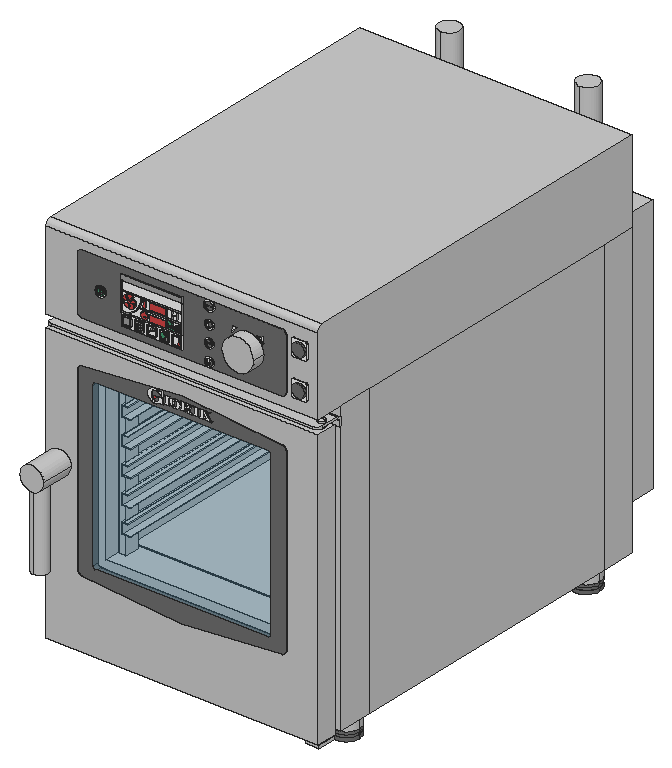
Revit family "QF_GIORIK_KHG061_KTG061_KHG061W_KTG061W", category Specialty Equipment, Revit 2014 (continued)
Automatic sketch dimensions
  Extrusion 17 sketch curve to plane 6 "Top" = 97.435 mm
  Extrusion 17 sketch curve to Extrusion 17 sketch curve = 0.978 mm
  Extrusion 17 sketch curve to plane 6 "Top" = 95.9 mm
  Extrusion 17 sketch curve to Extrusion 17 sketch curve = 1.058 mm
  Extrusion 17 sketch curve to Extrusion 17 sketch curve = 0.007 mm
  Extrusion 17 sketch curve to Extrusion 17 sketch curve = 0.727 mm
  Extrusion 17 sketch curve to plane 6 "Top" = 97.992 mm
  Extrusion 17 sketch curve to Extrusion 17 sketch curve = 4.43 mm
  Extrusion 17 sketch curve to plane 6 "Top" = 93.265 mm
  Extrusion 17 sketch curve to Extrusion 17 sketch curve = 12.64 mm
  Extrusion 17 sketch curve to plane 6 "Top" = 77.074 mm
  Extrusion 17 sketch curve to Extrusion 17 sketch curve = 0.034 mm
  Extrusion 17 sketch curve to plane 6 "Top" = 83.449 mm
  Extrusion 17 sketch curve to Extrusion 17 sketch curve = 1.389 mm
  Extrusion 17 sketch curve to Extrusion 17 sketch curve = 2.313 mm
  Extrusion 17 sketch curve to Extrusion 17 sketch curve = 2.53 mm
  Extrusion 17 sketch curve to Extrusion 17 sketch curve = 2.705 mm
  Extrusion 17 sketch curve to plane 6 "Top" = 76.294 mm
  Extrusion 17 sketch curve to Extrusion 17 sketch curve = 1.138 mm
  Extrusion 17 sketch curve to plane 6 "Top" = 73.82 mm
  Extrusion 17 sketch curve to Extrusion 17 sketch curve = 3.357 mm
  Extrusion 17 sketch curve to Extrusion 17 sketch curve = 6.172 mm
  Extrusion 17 sketch curve to Extrusion 17 sketch curve = 0.566 mm
  Extrusion 17 sketch curve to plane 6 "Top" = 80.522 mm
  Extrusion 17 sketch curve to Extrusion 17 sketch curve = 0.676 mm
  Extrusion 17 sketch curve to Extrusion 17 sketch curve = 6.481 mm
  Extrusion 17 sketch curve to Extrusion 17 sketch curve = 1.773 mm
  Extrusion 17 sketch curve to Extrusion 17 sketch curve = 1.347 mm
  Extrusion 17 sketch curve to plane 6 "Top" = 85.747 mm
  Extrusion 17 sketch curve to Extrusion 17 sketch curve = 1.957 mm
  Extrusion 17 sketch curve to Extrusion 17 sketch curve = 0.945 mm
  Extrusion 17 sketch curve to Extrusion 17 sketch curve = 1.151 mm
  Extrusion 17 sketch curve to Extrusion 17 sketch curve = 0.366 mm
  Extrusion 17 sketch curve to Extrusion 17 sketch curve = 1.697 mm
  Extrusion 17 sketch curve to plane 6 "Top" = 79.428 mm
  Extrusion 17 sketch curve to Extrusion 17 sketch curve = 1.474 mm
  Extrusion 17 sketch curve to Extrusion 17 sketch curve = 1.163 mm
  Extrusion 17 sketch curve to Extrusion 17 sketch curve = 1.291 mm
  Extrusion 17 sketch curve to plane 6 "Top" = 94.459 mm
  Extrusion 17 sketch curve to Extrusion 17 sketch curve = 3.636 mm
  Extrusion 17 sketch curve to plane 6 "Top" = 70.562 mm
  Extrusion 17 sketch curve to Extrusion 17 sketch curve = 5.644 mm
  Extrusion 17 sketch curve to Extrusion 17 sketch curve = 0.534 mm
  Extrusion 17 sketch curve to Extrusion 17 sketch curve = 1.399 mm
  Extrusion 17 sketch curve to Extrusion 17 sketch curve = 1.653 mm
  Extrusion 17 sketch curve to plane 6 "Top" = 82.63 mm
  Extrusion 17 sketch curve to Extrusion 17 sketch curve = 0.483 mm
  Extrusion 17 sketch curve to plane 6 "Top" = 73.81 mm
  Extrusion 17 sketch curve to Extrusion 17 sketch curve = 1.875 mm
  Extrusion 17 sketch curve to plane 6 "Top" = 93.314 mm
  Extrusion 17 sketch curve to Extrusion 17 sketch curve = 3.426 mm
  Extrusion 17 sketch curve to plane 6 "Top" = 71.963 mm
  Extrusion 17 sketch curve to Extrusion 17 sketch curve = 2.001 mm
  Extrusion 17 sketch curve to plane 6 "Top" = 76.238 mm
  Extrusion 17 sketch curve to Extrusion 17 sketch curve = 3.39 mm
  Extrusion 17 sketch curve to Extrusion 17 sketch curve = 5.374 mm
  Extrusion 17 sketch curve to Extrusion 17 sketch curve = 1.262 mm
  Extrusion 17 sketch curve to plane 6 "Top" = 84.718 mm
  Extrusion 17 sketch curve to Extrusion 17 sketch curve = 2.375 mm
  Extrusion 17 sketch curve to plane 6 "Top" = 80.599 mm
  Extrusion 17 sketch curve to Extrusion 17 sketch curve = 2.509 mm
  Extrusion 17 sketch curve to Extrusion 17 sketch curve = 2.12 mm  (x2)
  Extrusion 17 sketch curve to Extrusion 17 sketch curve = 7.859 mm  (x2)
  Extrusion 17 sketch curve to Extrusion 17 sketch curve = 5.742 mm
  Extrusion 17 sketch curve to Extrusion 17 sketch curve = 0.426 mm
  Extrusion 17 sketch curve to Extrusion 17 sketch curve = 2.642 mm  (x2)
  Extrusion 17 sketch curve to Extrusion 17 sketch curve = 2.67 mm
  Extrusion 17 sketch curve to Extrusion 17 sketch curve = 0.681 mm
  Extrusion 17 sketch curve to Extrusion 17 sketch curve = 12.559 mm  (x2)
  Extrusion 17 sketch curve to Extrusion 17 sketch curve = 3.412 mm
  Extrusion 17 sketch curve to Extrusion 17 sketch curve = 0.317 mm
  Extrusion 17 sketch curve to Extrusion 17 sketch curve = 0.044 mm
  Extrusion 17 sketch curve to Extrusion 17 sketch curve = 0.455 mm
  Extrusion 17 sketch curve to Extrusion 17 sketch curve = 1.333 mm
  Extrusion 17 sketch curve to Extrusion 17 sketch curve = 7.441 mm
  Extrusion 17 sketch curve to Extrusion 17 sketch curve = 2.137 mm
  plane 4 "Right" to Extrusion 18 sketch curve = 1 mm
  plane 5 "Front" to Extrusion 18 sketch curve = 3.5 mm
  Extrusion 18 sketch curve to plane 8 "Front oven" = 16.5 mm
  Extrusion 18 sketch curve to plane 8 "Front oven" = 4 mm
  plane 8 "Front oven" to Extrusion 18 sketch curve = 1.5 mm
  plane 8 "Front oven" to Extrusion 18 sketch curve = 56 mm
  Extrusion 18 sketch curve to Extrusion 18 sketch curve = 0 mm
  Extrusion 18 sketch curve to Extrusion 18 sketch curve = 16.248 mm
  plane 4 "Right" to Extrusion 18 sketch curve = 19 mm
  Extrusion 18 sketch curve to Extrusion 18 sketch curve = 25 mm
  Extrusion 18 sketch curve to Extrusion 18 sketch curve = 12 mm
  Extrusion 18 sketch curve to Extrusion 18 sketch curve = 19 mm
  Extrusion 18 sketch curve to Extrusion 18 sketch curve = 10 mm
  plane 4 "Right" to Revolve 19 sketch curve = 11.5 mm
  Revolve 19 sketch curve to Revolve 19 sketch curve = 3.5 mm  (x3)
  Revolve 19 sketch curve to Revolve 19 sketch curve = 6 mm
  Revolve 19 sketch curve to plane 6 "Top" = 185 mm
  Revolve 19 sketch curve to Revolve 19 sketch curve = 4.5 mm  (x2)
  Revolve 19 sketch curve to Revolve 19 sketch curve = 2.5 mm
  Revolve 19 sketch curve to Revolve 19 sketch curve = 3.901 mm
  Revolve 19 sketch curve to Revolve 19 sketch curve = 0 mm  (x3)
  Revolve 20 sketch curve to plane 7 "Legs height" = 0 mm  (x2)
  plane 4 "Right" to Revolve 20 sketch curve = 11.5 mm
  Revolve 20 sketch curve to Revolve 20 sketch curve = 3.5 mm  (x3)
  Revolve 20 sketch curve to Revolve 20 sketch curve = 2.5 mm
  Revolve 20 sketch curve to Revolve 20 sketch curve = 7 mm
  Revolve 20 sketch curve to Revolve 20 sketch curve = 3.901 mm
  Revolve 20 sketch curve to Revolve 20 sketch curve = 0 mm  (x2)
  Extrusion 21 sketch curve to plane 4 "Right" = 25 mm
  Extrusion 21 sketch curve to plane 7 "Legs height" = 310 mm
  plane 5 "Front" to Extrusion 23 sketch curve = 46 mm
  Extrusion 23 sketch curve to plane 4 "Right" = 25 mm
  Extrusion 25 sketch curve to Extrusion 25 sketch curve = 0 mm  (x12)
  plane 4 "Right" to Extrusion 25 sketch curve = 103.895 mm
  Extrusion 25 sketch curve to plane 6 "Top" = 55.514 mm  (x2)
  Extrusion 25 sketch curve to Extrusion 25 sketch curve = 1.599 mm  (x2)
  Extrusion 25 sketch curve to Extrusion 25 sketch curve = 9.467 mm  (x2)
  Extrusion 25 sketch curve to Extrusion 25 sketch curve = 26.569 mm
  Extrusion 25 sketch curve to Extrusion 25 sketch curve = 7.071 mm
  Extrusion 25 sketch curve to Extrusion 25 sketch curve = 15.503 mm
  Extrusion 25 sketch curve to plane 6 "Top" = 66.895 mm
  Extrusion 25 sketch curve to Extrusion 25 sketch curve = 37.995 mm
  Extrusion 25 sketch curve to Extrusion 25 sketch curve = 37.895 mm
  Extrusion 25 sketch curve to Extrusion 25 sketch curve = 1.233 mm
  Extrusion 25 sketch curve to Extrusion 25 sketch curve = 4 mm
  Extrusion 25 sketch curve to plane 6 "Top" = 65.195 mm
  Extrusion 25 sketch curve to Extrusion 25 sketch curve = 3.251 mm
  Extrusion 25 sketch curve to Extrusion 25 sketch curve = 6.5 mm  (x2)
  Extrusion 25 sketch curve to Extrusion 25 sketch curve = 1 mm  (x7)
  Extrusion 25 sketch curve to Extrusion 25 sketch curve = 0.516 mm
  Extrusion 25 sketch curve to Extrusion 25 sketch curve = 5 mm  (x2)
  Extrusion 25 sketch curve to Extrusion 25 sketch curve = 2.807 mm
  Extrusion 25 sketch curve to plane 6 "Top" = 63.441 mm
  Extrusion 25 sketch curve to Extrusion 25 sketch curve = 0.953 mm
  Extrusion 25 sketch curve to Extrusion 25 sketch curve = 44.5 mm
  Extrusion 25 sketch curve to plane 6 "Top" = 40 mm
  Extrusion 25 sketch curve to Extrusion 25 sketch curve = 116 mm
  Extrusion 25 sketch curve to Extrusion 25 sketch curve = 40 mm
  Extrusion 25 sketch curve to Extrusion 25 sketch curve = 34.378 mm
  Extrusion 25 sketch curve to Extrusion 25 sketch curve = 1.427 mm
  Extrusion 25 sketch curve to Extrusion 25 sketch curve = 2.881 mm
  Extrusion 25 sketch curve to Extrusion 25 sketch curve = 27.547 mm
  Extrusion 25 sketch curve to Extrusion 25 sketch curve = 28.047 mm
  Extrusion 25 sketch curve to Extrusion 25 sketch curve = 2.291 mm
  Extrusion 25 sketch curve to Extrusion 25 sketch curve = 0.209 mm
  Extrusion 25 sketch curve to Extrusion 25 sketch curve = 3 mm
  Extrusion 25 sketch curve to Extrusion 25 sketch curve = 45 mm
  Extrusion 25 sketch curve to Extrusion 25 sketch curve = 8.188 mm
  Extrusion 25 sketch curve to Extrusion 25 sketch curve = 3.805 mm
  Extrusion 25 sketch curve to Extrusion 25 sketch curve = 2.051 mm
  Extrusion 25 sketch curve to Extrusion 25 sketch curve = 1.254 mm
  Extrusion 25 sketch curve to Extrusion 25 sketch curve = 25.941 mm
  Extrusion 25 sketch curve to Extrusion 25 sketch curve = 0.5 mm
  Extrusion 26 sketch curve to Extrusion 26 sketch curve = 0 mm  (x63)
  Extrusion 26 sketch curve to plane 6 "Top" = 105 mm
  plane 4 "Right" to Extrusion 26 sketch curve = 258 mm
  Extrusion 26 sketch curve to Extrusion 26 sketch curve = 1 mm  (x18)
  Extrusion 26 sketch curve to Extrusion 26 sketch curve = 1.5 mm
  Extrusion 26 sketch curve to Extrusion 26 sketch curve = 0.5 mm
  Extrusion 26 sketch curve to Extrusion 26 sketch curve = 2 mm  (x13)
  Extrusion 26 sketch curve to Extrusion 26 sketch curve = 8.26 mm  (x2)
  Extrusion 26 sketch curve to Extrusion 26 sketch curve = 1.62 mm  (x3)
  Extrusion 26 sketch curve to Extrusion 26 sketch curve = 9.5 mm  (x2)
  Extrusion 26 sketch curve to Extrusion 26 sketch curve = 7.957 mm
  Extrusion 26 sketch curve to Extrusion 26 sketch curve = 6 mm  (x4)
  Extrusion 26 sketch curve to Extrusion 26 sketch curve = 1.514 mm
  Extrusion 26 sketch curve to Extrusion 26 sketch curve = 0.717 mm  (x2)
  Extrusion 26 sketch curve to Extrusion 26 sketch curve = 1.202 mm
  Extrusion 26 sketch curve to Extrusion 26 sketch curve = 10.283 mm
  Extrusion 26 sketch curve to Extrusion 26 sketch curve = 10.081 mm
  Extrusion 26 sketch curve to Extrusion 26 sketch curve = 0.961 mm
  Extrusion 26 sketch curve to Extrusion 26 sketch curve = 1.658 mm
  Extrusion 26 sketch curve to Extrusion 26 sketch curve = 2.455 mm
  Extrusion 26 sketch curve to Extrusion 26 sketch curve = 1.267 mm
  Extrusion 26 sketch curve to Extrusion 26 sketch curve = 2.654 mm
  Extrusion 26 sketch curve to plane 6 "Top" = 117.623 mm
  Extrusion 26 sketch curve to Extrusion 26 sketch curve = 2.67 mm
  Extrusion 26 sketch curve to plane 6 "Top" = 116.404 mm
  Extrusion 26 sketch curve to Extrusion 26 sketch curve = 1.218 mm
  Extrusion 26 sketch curve to Extrusion 26 sketch curve = 4.131 mm
  Extrusion 26 sketch curve to Extrusion 26 sketch curve = 0.609 mm  (x3)
  Extrusion 26 sketch curve to plane 6 "Top" = 120.535 mm
  Extrusion 26 sketch curve to Extrusion 26 sketch curve = 1.312 mm
  Extrusion 26 sketch curve to Extrusion 26 sketch curve = 4.225 mm
  Extrusion 26 sketch curve to Extrusion 26 sketch curve = 0.767 mm
  Extrusion 26 sketch curve to Extrusion 26 sketch curve = 1.946 mm  (x2)
  Extrusion 26 sketch curve to Extrusion 26 sketch curve = 3.893 mm
  Extrusion 26 sketch curve to Extrusion 26 sketch curve = 0.573 mm
  Extrusion 26 sketch curve to Extrusion 26 sketch curve = 10.054 mm  (x2)
  Extrusion 26 sketch curve to Extrusion 26 sketch curve = 1.19 mm  (x2)
  Extrusion 26 sketch curve to Extrusion 26 sketch curve = 0.81 mm
  Extrusion 26 sketch curve to Extrusion 26 sketch curve = 3.631 mm
  Extrusion 26 sketch curve to Extrusion 26 sketch curve = 3.68 mm
  Extrusion 26 sketch curve to Extrusion 26 sketch curve = 4.689 mm
  Extrusion 26 sketch curve to Extrusion 26 sketch curve = 7.689 mm
  Extrusion 26 sketch curve to Extrusion 26 sketch curve = 3.081 mm
  Extrusion 26 sketch curve to Extrusion 26 sketch curve = 0.653 mm
  Extrusion 26 sketch curve to Extrusion 26 sketch curve = 17.403 mm
  Extrusion 26 sketch curve to Extrusion 26 sketch curve = 1.7 mm
  Extrusion 26 sketch curve to Extrusion 26 sketch curve = 2.769 mm  (x2)
  Extrusion 26 sketch curve to Extrusion 26 sketch curve = 2.246 mm
  Extrusion 26 sketch curve to Extrusion 26 sketch curve = 1.597 mm
  Extrusion 26 sketch curve to Extrusion 26 sketch curve = 0.042 mm
  Extrusion 26 sketch curve to Extrusion 26 sketch curve = 2.12 mm
  Extrusion 26 sketch curve to Extrusion 26 sketch curve = 2.231 mm
  Extrusion 26 sketch curve to Extrusion 26 sketch curve = 1.147 mm
  Extrusion 26 sketch curve to Extrusion 26 sketch curve = 3.002 mm
  Extrusion 26 sketch curve to Extrusion 26 sketch curve = 6.3 mm
  Extrusion 26 sketch curve to Extrusion 26 sketch curve = 1.883 mm
  Extrusion 26 sketch curve to Extrusion 26 sketch curve = 7.859 mm
  Extrusion 26 sketch curve to Extrusion 26 sketch curve = 0.615 mm
  Extrusion 26 sketch curve to Extrusion 26 sketch curve = 4.404 mm
  Extrusion 26 sketch curve to Extrusion 26 sketch curve = 0.424 mm
  Extrusion 26 sketch curve to Extrusion 26 sketch curve = 2.306 mm
  Extrusion 26 sketch curve to Extrusion 26 sketch curve = 7 mm
  Extrusion 26 sketch curve to Extrusion 26 sketch curve = 0.463 mm
  Extrusion 26 sketch curve to Extrusion 26 sketch curve = 5 mm  (x2)
  Extrusion 26 sketch curve to Extrusion 26 sketch curve = 17.245 mm
  Extrusion 26 sketch curve to Extrusion 26 sketch curve = 2.495 mm
  Extrusion 26 sketch curve to Extrusion 26 sketch curve = 5.681 mm  (x3)
  Extrusion 26 sketch curve to Extrusion 26 sketch curve = 1.6 mm
  Extrusion 26 sketch curve to Extrusion 26 sketch curve = 2.544 mm
  Extrusion 26 sketch curve to Extrusion 26 sketch curve = 16.755 mm
  Extrusion 26 sketch curve to Extrusion 26 sketch curve = 10 mm
  plane 4 "Right" to Extrusion 27 sketch curve = 201.553 mm
  Extrusion 27 sketch curve to Extrusion 27 sketch curve = 2.606 mm
  Extrusion 27 sketch curve to Extrusion 27 sketch curve = 3.123 mm
  Extrusion 27 sketch curve to Extrusion 27 sketch curve = 3.991 mm
  Extrusion 27 sketch curve to Extrusion 27 sketch curve = 1.949 mm
  Extrusion 27 sketch curve to Extrusion 27 sketch curve = 1.182 mm
  Extrusion 27 sketch curve to Extrusion 27 sketch curve = 6.627 mm
  Extrusion 27 sketch curve to Extrusion 27 sketch curve = 1.25 mm
  Extrusion 27 sketch curve to Extrusion 27 sketch curve = 2.454 mm
  Extrusion 27 sketch curve to Extrusion 27 sketch curve = 1.353 mm  (x2)
  Extrusion 27 sketch curve to Extrusion 27 sketch curve = 3.69 mm
  Extrusion 27 sketch curve to Extrusion 27 sketch curve = 2.793 mm  (x10)
  Extrusion 27 sketch curve to Extrusion 27 sketch curve = 5.413 mm  (x3)
  Extrusion 27 sketch curve to Extrusion 27 sketch curve = 2 mm  (x2)
  Extrusion 27 sketch curve to Extrusion 27 sketch curve = 2.002 mm
  Extrusion 27 sketch curve to Extrusion 27 sketch curve = 3.133 mm
  Extrusion 27 sketch curve to Extrusion 27 sketch curve = 9.013 mm
  Extrusion 27 sketch curve to Extrusion 27 sketch curve = 4.511 mm
  Extrusion 27 sketch curve to Extrusion 27 sketch curve = 3.34 mm
  Extrusion 27 sketch curve to Extrusion 27 sketch curve = 0.132 mm
  Extrusion 27 sketch curve to Extrusion 27 sketch curve = 3.46 mm
  Extrusion 27 sketch curve to Extrusion 27 sketch curve = 3.675 mm
  Extrusion 27 sketch curve to Extrusion 27 sketch curve = 0 mm  (x18)
  Extrusion 27 sketch curve to Extrusion 27 sketch curve = 5.566 mm
  Extrusion 27 sketch curve to Extrusion 27 sketch curve = 2.285 mm
  Extrusion 27 sketch curve to Extrusion 27 sketch curve = 2.551 mm
  Extrusion 27 sketch curve to Extrusion 27 sketch curve = 5.945 mm
  Extrusion 27 sketch curve to Extrusion 27 sketch curve = 0.022 mm  (x2)
  Extrusion 27 sketch curve to Extrusion 27 sketch curve = 4 mm
  Extrusion 27 sketch curve to Extrusion 27 sketch curve = 5.91 mm  (x2)
  Extrusion 27 sketch curve to Extrusion 27 sketch curve = 1.141 mm
  Extrusion 27 sketch curve to Extrusion 27 sketch curve = 6.081 mm
  Extrusion 27 sketch curve to Extrusion 27 sketch curve = 4.16 mm
  Extrusion 27 sketch curve to Extrusion 27 sketch curve = 2.507 mm
  Extrusion 27 sketch curve to Extrusion 27 sketch curve = 1.366 mm
  Extrusion 27 sketch curve to Extrusion 27 sketch curve = 4.893 mm
  Extrusion 27 sketch curve to Extrusion 27 sketch curve = 6.586 mm
  Extrusion 27 sketch curve to Extrusion 27 sketch curve = 2.154 mm
  Extrusion 27 sketch curve to Extrusion 27 sketch curve = 2.256 mm
  Extrusion 27 sketch curve to Extrusion 27 sketch curve = 0.578 mm
  Extrusion 27 sketch curve to Extrusion 27 sketch curve = 1.392 mm
  Extrusion 27 sketch curve to Extrusion 27 sketch curve = 1.974 mm
  Extrusion 27 sketch curve to Extrusion 27 sketch curve = 1.347 mm
  Extrusion 27 sketch curve to Extrusion 27 sketch curve = 1.469 mm
  Extrusion 27 sketch curve to Extrusion 27 sketch curve = 4.081 mm
  Extrusion 27 sketch curve to plane 6 "Top" = 239.528 mm
  Extrusion 27 sketch curve to Extrusion 27 sketch curve = 2.317 mm
  Extrusion 27 sketch curve to Extrusion 27 sketch curve = 3.242 mm
  Extrusion 27 sketch curve to Extrusion 27 sketch curve = 3.564 mm
  Extrusion 27 sketch curve to Extrusion 27 sketch curve = 0.899 mm
  Extrusion 27 sketch curve to Extrusion 27 sketch curve = 1.294 mm
  Extrusion 27 sketch curve to Extrusion 27 sketch curve = 2.894 mm  (x2)
  Extrusion 27 sketch curve to Extrusion 27 sketch curve = 1 mm
  Extrusion 27 sketch curve to Extrusion 27 sketch curve = 1.461 mm
  Extrusion 27 sketch curve to Extrusion 27 sketch curve = 1.786 mm
  Extrusion 27 sketch curve to Extrusion 27 sketch curve = 1.919 mm
  Extrusion 27 sketch curve to Extrusion 27 sketch curve = 2.046 mm
  Extrusion 27 sketch curve to Extrusion 27 sketch curve = 1.137 mm
  Extrusion 27 sketch curve to Extrusion 27 sketch curve = 2.344 mm  (x8)
  Extrusion 27 sketch curve to Extrusion 27 sketch curve = 3.153 mm
  Extrusion 27 sketch curve to Extrusion 27 sketch curve = 3.783 mm
  Extrusion 27 sketch curve to Extrusion 27 sketch curve = 1.816 mm  (x2)
  Extrusion 27 sketch curve to Extrusion 27 sketch curve = 1.67 mm
  Extrusion 27 sketch curve to Extrusion 27 sketch curve = 3.513 mm
  Extrusion 27 sketch curve to Extrusion 27 sketch curve = 2.539 mm
  Extrusion 27 sketch curve to Extrusion 27 sketch curve = 4.042 mm
  Extrusion 27 sketch curve to Extrusion 27 sketch curve = 0.806 mm
  Extrusion 27 sketch curve to Extrusion 27 sketch curve = 0.873 mm
  Extrusion 27 sketch curve to Extrusion 27 sketch curve = 4.868 mm
  Extrusion 27 sketch curve to Extrusion 27 sketch curve = 2.243 mm
  Extrusion 27 sketch curve to Extrusion 27 sketch curve = 0.326 mm
  Extrusion 27 sketch curve to Extrusion 27 sketch curve = 2.593 mm  (x3)
  Extrusion 27 sketch curve to Extrusion 27 sketch curve = 1.506 mm
  Extrusion 27 sketch curve to Extrusion 27 sketch curve = 1.887 mm
  Extrusion 27 sketch curve to Extrusion 27 sketch curve = 1.99 mm
  Extrusion 27 sketch curve to Extrusion 27 sketch curve = 2.691 mm
  Extrusion 27 sketch curve to Extrusion 27 sketch curve = 3.345 mm
  Extrusion 27 sketch curve to Extrusion 27 sketch curve = 0.743 mm
  Extrusion 27 sketch curve to Extrusion 27 sketch curve = 3.185 mm
  Extrusion 27 sketch curve to Extrusion 27 sketch curve = 0.206 mm
  Extrusion 27 sketch curve to Extrusion 27 sketch curve = 2.753 mm
  Extrusion 27 sketch curve to Extrusion 27 sketch curve = 4.912 mm  (x2)
  Extrusion 27 sketch curve to Extrusion 27 sketch curve = 2.294 mm
  Extrusion 27 sketch curve to Extrusion 27 sketch curve = 3.131 mm
  Extrusion 27 sketch curve to Extrusion 27 sketch curve = 0.143 mm
  Extrusion 27 sketch curve to Extrusion 27 sketch curve = 1.861 mm
  Extrusion 27 sketch curve to Extrusion 27 sketch curve = 0.168 mm
  Extrusion 27 sketch curve to Extrusion 27 sketch curve = 2.712 mm
  Extrusion 27 sketch curve to Extrusion 27 sketch curve = 2.054 mm
  Extrusion 27 sketch curve to Extrusion 27 sketch curve = 1.787 mm
  plane 3 "Left" to Extrusion 28 sketch curve = 214.848 mm
  Extrusion 28 sketch curve to Extrusion 28 sketch curve = 6 mm  (x2)
  Extrusion 28 sketch curve to plane 6 "Top" = 232.105 mm
  Extrusion 28 sketch curve to Extrusion 28 sketch curve = 5 mm
  plane 4 "Right" to Extrusion 31 sketch curve = 50 mm
  plane 1 "Back" to Extrusion 31 sketch curve = 132 mm
  plane 4 "Right" to Extrusion 32 sketch curve = 50 mm
  plane 1 "Back" to Extrusion 32 sketch curve = 132 mm
  plane 4 "Right" to Extrusion 35 sketch curve = 50 mm
  plane 8 "Front oven" to Extrusion 35 sketch curve = 75 mm
  plane 4 "Right" to Extrusion 36 sketch curve = 50 mm
  plane 8 "Front oven" to Extrusion 36 sketch curve = 75 mm
  plane 4 "Right" to Extrusion 38 sketch curve = 50 mm
  plane 1 "Back" to Extrusion 38 sketch curve = 132 mm
  plane 4 "Right" to Extrusion 40 sketch curve = 50 mm
  plane 8 "Front oven" to Extrusion 40 sketch curve = 75 mm
  plane 4 "Right" to Extrusion 42 sketch curve = 50 mm
  plane 1 "Back" to Extrusion 42 sketch curve = 132 mm
  plane 4 "Right" to Extrusion 44 sketch curve = 50 mm
  plane 8 "Front oven" to Extrusion 44 sketch curve = 75 mm
  Extrusion 45 sketch curve to plane 3 "Left" = 0 mm
  plane 4 "Right" to Extrusion 45 sketch curve = 0 mm
  Extrusion 45 sketch curve to plane 7 "Legs height" = 0 mm
  Extrusion 45 sketch curve to plane 6 "Top" = 160 mm
  plane 4 "Right" to Extrusion 46 sketch curve = 60 mm
  Extrusion 46 sketch curve to Extrusion 46 sketch curve = 10 mm  (x3)
  plane 3 "Left" to Extrusion 46 sketch curve = 259.5 mm  (x2)
  plane 3 "Left" to Extrusion 46 sketch curve = 70 mm  (x2)
  Extrusion 46 sketch curve to level = 1741.516 mm
  Extrusion 46 sketch curve to plane 6 "Top" = 132.754 mm  (x2)
  Extrusion 46 sketch curve to plane 6 "Top" = 37.246 mm  (x2)
  plane 6 "Top" to Extrusion 46 sketch curve = 2341.516 mm
  Extrusion 46 sketch curve to Extrusion 46 sketch curve = 0 mm  (x2)
  plane 3 "Left" to Extrusion 47 sketch curve = 30 mm
  plane 4 "Right" to Extrusion 47 sketch curve = 30 mm
  plane 7 "Legs height" to Extrusion 47 sketch curve = 60 mm
  Extrusion 47 sketch curve to plane 6 "Top" = 160 mm
  Extrusion 48 sketch curve to plane 5 "Front" = 0 mm
  Extrusion 48 sketch curve to plane 6 "Top" = 0 mm
  plane 5 "Front" to Extrusion 48 sketch curve = 10 mm
  plane 5 "Front" to Extrusion 48 sketch curve = 10.1 mm
  plane 1 "Back" to Extrusion 48 sketch curve = 87 mm
  Extrusion 48 sketch curve to plane 6 "Top" = 10 mm
  Extrusion 48 sketch curve to plane 6 "Top" = 160 mm
  plane 3 "Left" to Revolve 49 sketch curve = 11.5 mm
  Revolve 49 sketch curve to Revolve 49 sketch curve = 3.5 mm  (x3)
  Revolve 49 sketch curve to Revolve 49 sketch curve = 6 mm
  Revolve 49 sketch curve to plane 6 "Top" = 169.599 mm
  Revolve 49 sketch curve to Revolve 49 sketch curve = 3.901 mm
  Revolve 49 sketch curve to Revolve 49 sketch curve = 4.5 mm  (x2)
  Revolve 49 sketch curve to Revolve 49 sketch curve = 2.5 mm
  Revolve 49 sketch curve to Revolve 49 sketch curve = 0 mm  (x3)
  plane 8 "Front oven" to Extrusion 50 sketch curve = 23 mm
  plane 8 "Front oven" to Extrusion 50 sketch curve = 36 mm
  Extrusion 50 sketch curve to Extrusion 50 sketch curve = 25 mm
  plane 4 "Right" to Extrusion 50 sketch curve = 27 mm
  Extrusion 50 sketch curve to Extrusion 50 sketch curve = 44 mm
  Extrusion 50 sketch curve to Extrusion 50 sketch curve = 0 mm
  plane 4 "Right" to Extrusion 53 sketch curve = 134 mm
  Extrusion 53 sketch curve to plane 6 "Top" = 85 mm
  Revolve 54 sketch curve to plane 6 "Top" = 56 mm
  Revolve 54 sketch curve to Revolve 54 sketch curve = 7 mm
  Revolve 54 sketch curve to Revolve 54 sketch curve = 4 mm
  Revolve 54 sketch curve to Revolve 54 sketch curve = 9 mm
  plane 1 "Back" to Revolve 54 sketch curve = 79 mm
  Revolve 54 sketch curve to Revolve 54 sketch curve = 8 mm
  Revolve 54 sketch curve to Revolve 54 sketch curve = 0 mm  (x3)
  Extrusion 55 sketch curve to Extrusion 55 sketch curve = 0 mm  (x2)
  plane 1 "Back" to Extrusion 55 sketch curve = 75 mm
  Extrusion 55 sketch curve to Extrusion 55 sketch curve = 2 mm
  Extrusion 55 sketch curve to Extrusion 55 sketch curve = 5 mm
  Extrusion 55 sketch curve to Extrusion 55 sketch curve = 3 mm
  Extrusion 55 sketch curve to Extrusion 55 sketch curve = 12 mm
  Extrusion 55 sketch curve to plane 6 "Top" = 150 mm
  Extrusion 55 sketch curve to plane 6 "Top" = 70 mm
  Extrusion 55 sketch curve to Extrusion 55 sketch curve = 7 mm
  plane 1 "Back" to Blend 56 sketch curve = 32 mm  (x2)
  plane 4 "Right" to Blend 56 sketch curve = 127 mm  (x2)
  plane 1 "Back" to Extrusion 57 sketch curve = 32 mm
  plane 4 "Right" to Extrusion 57 sketch curve = 127 mm
  plane 4 "Right" to Extrusion 58 sketch curve = 0 mm
  Extrusion 58 sketch curve to plane 3 "Left" = 0 mm
  Extrusion 58 sketch curve to plane 7 "Legs height" = 0 mm
  plane 4 "Right" to Extrusion 58 sketch curve = 84 mm
  plane 3 "Left" to Extrusion 58 sketch curve = 69.5 mm
  plane 7 "Legs height" to Extrusion 58 sketch curve = 134 mm
  Extrusion 58 sketch curve to plane 6 "Top" = 211 mm
  Extrusion 58 sketch curve to Extrusion 58 sketch curve = 51 mm
  plane 4 "Right" to Extrusion 59 sketch curve = 14.937 mm
  Extrusion 59 sketch curve to Extrusion 59 sketch curve = 15 mm  (x3)
  plane 3 "Left" to Extrusion 59 sketch curve = 29.937 mm
  plane 3 "Left" to Extrusion 59 sketch curve = 14.937 mm
  plane 7 "Legs height" to Extrusion 59 sketch curve = 15 mm
  Extrusion 59 sketch curve to plane 6 "Top" = 215 mm
  plane 4 "Right" to Extrusion 60 sketch curve = 20 mm
  Extrusion 60 sketch curve to Extrusion 60 sketch curve = 3 mm  (x3)
  Extrusion 60 sketch curve to Extrusion 60 sketch curve = 22 mm  (x2)
  Extrusion 60 sketch curve to plane 6 "Top" = 66 mm
  Extrusion 60 sketch curve to Extrusion 60 sketch curve = 26 mm
  plane 4 "Right" to Extrusion 61 sketch curve = 34 mm
  Extrusion 61 sketch curve to plane 6 "Top" = 50 mm
  plane 4 "Right" to Extrusion 62 sketch curve = 20 mm
  Extrusion 62 sketch curve to Extrusion 62 sketch curve = 3 mm  (x3)
  Extrusion 62 sketch curve to Extrusion 62 sketch curve = 22 mm  (x2)
  Extrusion 62 sketch curve to plane 6 "Top" = 136 mm
  Extrusion 62 sketch curve to Extrusion 62 sketch curve = 26 mm
  plane 4 "Right" to Extrusion 63 sketch curve = 34 mm
  Extrusion 63 sketch curve to plane 6 "Top" = 120 mm
  plane 3 "Left" to Extrusion 64 sketch curve = 41 mm
  Extrusion 64 sketch curve to plane 6 "Top" = 56 mm
  radius of Extrusion 3 sketch curve = 22.5 mm
  radius of Extrusion 10 sketch curve = 15 mm
  radius of Extrusion 29 sketch curve = 25 mm
  radius of Extrusion 30 sketch curve = 25 mm
  radius of Extrusion 33 sketch curve = 25 mm
  radius of Extrusion 34 sketch curve = 25 mm
  radius of Extrusion 37 sketch curve = 23 mm
  radius of Extrusion 39 sketch curve = 23 mm
  radius of Extrusion 41 sketch curve = 25 mm
  radius of Extrusion 43 sketch curve = 25 mm
  radius of Extrusion 52 sketch curve = 6 mm  (x3)
  radius of Blend 65 sketch curve = 25 mm
  radius of Blend 65 sketch curve = 20 mm
  radius of Extrusion 66 sketch curve = 20 mm
  radius of curve 32 = 25 mm
  radius of curve 33 = 20 mm
  radius of curve 34 = 25 mm
  radius of curve 35 = 20 mm
  radius of Extrusion 11 sketch curve = 9.55 mm
  radius of Extrusion 13 sketch curve = 19.05 mm
  radius of Extrusion 16 sketch curve = 4.5 mm
  radius of Extrusion 16 sketch curve = 4 mm
  radius of Extrusion 17 sketch curve = 7 mm
  radius of Extrusion 17 sketch curve = 2.5 mm
  radius of Extrusion 21 sketch curve = 22.5 mm
  radius of Extrusion 23 sketch curve = 15 mm
  radius of Extrusion 25 sketch curve = 10 mm  (x2)
  radius of Extrusion 25 sketch curve = 8.5 mm  (x5)
  radius of Extrusion 25 sketch curve = 7 mm  (x3)
  radius of Extrusion 31 sketch curve = 25 mm
  radius of Extrusion 32 sketch curve = 25 mm
  radius of Extrusion 35 sketch curve = 25 mm
  radius of Extrusion 36 sketch curve = 25 mm
  radius of Extrusion 38 sketch curve = 23 mm
  radius of Extrusion 40 sketch curve = 23 mm
  radius of Extrusion 42 sketch curve = 25 mm
  radius of Extrusion 44 sketch curve = 25 mm
  radius of Extrusion 50 sketch curve = 6 mm  (x3)
  radius of Extrusion 53 sketch curve = 30 mm
  radius of Blend 56 sketch curve = 25 mm
  radius of Blend 56 sketch curve = 20 mm
  radius of Extrusion 57 sketch curve = 20 mm
  radius of Extrusion 61 sketch curve = 12.5 mm
  radius of Extrusion 63 sketch curve = 12.5 mm
  radius of Extrusion 64 sketch curve = 12.7 mm
Connectors
  piping at (300, -51, 89), diameter 19.05, driven by "Cold Water Size"
    settings: on Extrusion 11, index 1, connector inside diameter 24", connector length 0 mm, flow factor 0, pipe flow 0.0 L/s, pressure drop 0.0 kPa, fitting loss kfactor 0, connector angle 0.00°, fixture units 0, engagement length 0 mm, angle of deflection 0.00°, flow configuration 1, flow direction 1, fitting loss method 0, system type 20, joint type 0, gender type 0, connector reference index -1, connector utility 0, adjustable connector no, is connector primary yes, connector description "Softened water inlet"
  piping at (437, -77, 89), diameter 38.1, driven by "Indirect Waste Size"
    settings: on Extrusion 13, index 2, connector inside diameter 24", connector length 0 mm, flow factor 0, pipe flow 0.0 L/s, pressure drop 0.0 kPa, fitting loss kfactor 0, connector angle 0.00°, fixture units 0, engagement length 0 mm, angle of deflection 0.00°, flow configuration 1, flow direction 2, fitting loss method 0, system type 16, joint type 0, gender type 0, connector reference index -1, connector utility 0, adjustable connector no, is connector primary no, connector description "Drain"
  electrical at (100, -79, 714), driven by "Number of Poles", driven by "Volts", driven by "Apparent Power"
    settings: on Revolve 54, index 5, voltage 230 V, apparent load 0 VA, apparent load phase1 1300 VA, apparent load phase2 0 VA, apparent load phase3 0 VA, power factor 1, load classification "Other", number of poles 1, system type 31, power factor state 1, is connector primary yes, connector utility no, sub classification motor no, connector description "Electrical connection"
  piping at (41, -42, 714), diameter 25.4, driven by "Gas Size"
    settings: on Extrusion 64, index 6, connector inside diameter 24", connector length 0 mm, flow factor 0, pipe flow 0.0 L/s, pressure drop 0.0 kPa, fitting loss kfactor 0, connector angle 0.00°, fixture units 0, engagement length 0 mm, angle of deflection 0.00°, flow configuration 1, flow direction 1, fitting loss method 0, system type 22, joint type 0, gender type 0, connector reference index -1, connector utility 0, adjustable connector no, is connector primary no, connector description "Gas inlet"
Types (5, lengths in mm): name | Watts | Model | Description | Apparent Power
  (no name) | 1300 W | "KHG061" | "GAS OVEN 6 GN 1/1 COMBINED CONVECTION/STEAM TOUCH SCREEN CONTROL - HIGH EFFICIENCY BOILER VERSION" | 1300 VA
  KHG061 | 1300 W | "KHG061" | "GAS OVEN 6 GN 1/1 COMBINED CONVECTION/STEAM TOUCH SCREEN CONTROL - HIGH EFFICIENCY BOILER VERSION" | 1300 VA
  KTG061 | 300 W | "KTG061" | "GAS OVEN 6 GN 1/1 COMBINED CONVECTION/STEAM TOUCH SCREEN CONTROL - DIRECT STEAM VERSION" | 300 VA
  KHG061W | 1300 W | "KHG061W" | "GAS OVEN 6 GN 1/1 COMBINED CONVECTION/STEAM TOUCH SCREEN CONTROL - HIGH EFFICIENCY BOILER VERSION" | 1300 VA
  KTG061W | 300 W | "KTG061W" | "GAS OVEN 6 GN 1/1 COMBINED CONVECTION/STEAM TOUCH SCREEN CONTROL - DIRECT STEAM VERSION" | 300 VA
